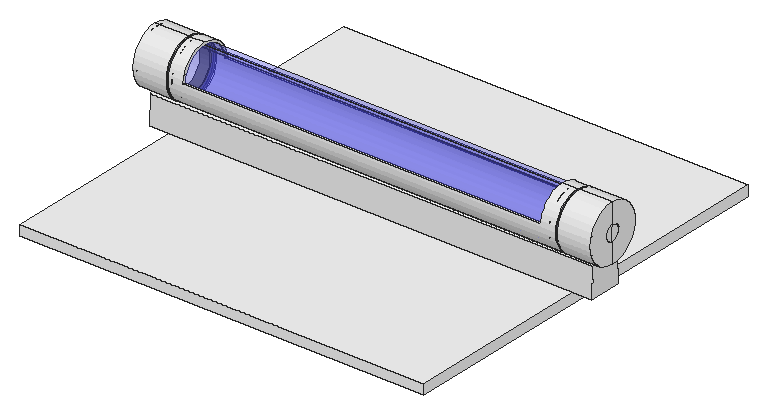
Revit family "BE_23233.1_de_DE", category Leuchten, Revit 2015
Parameters (values of type "BEGA_23233.1_K4")
  built-in parameter 1150104 = 11.065 (stored number, unit not read)
  Wattage = 12.6 W
  Default Elevation = 0 mm
  built-in parameter 1150113 = 1 (stored number, unit not read)
  built-in parameter 1114218 = 1 (stored number, unit not read)
  Umgebungstemperatur = ""
  URL = "http://www.bega.de/produkt/23233.1"
  Typenkommentare = "© 2017 BEGA. Wir behalten uns das Recht vor, technische Änderungen ohne vorherige Ankündigung vorzunehmen."  # constant formula
  built-in parameter 1150134 = 12
  built-in parameter 1150109 = 1 (stored number, unit not read)
  Strom = ""
  built-in parameter 1150110 = 1 (stored number, unit not read)
  Spannung = 239.996 V
  Sonderanfertigung = no
  Seriennummer [instance] = "Hier können Sie die eindeutige Seriennummer für das Facility Management eintragen."
  Schutzklasse = "I"
  Schutzart = "IP 20"
  Scheinlast = 0 VA
  Produktdatenblatt = "http://www.bega.de/download/Xrfa/db/23233.1.db.de.pdf"
  Oberflächentemperatur = ""
  Neigungswinkel = 0.00°
  Modell = "23233.1K4"
  Material_18 = BEGA_Gummi_schwarz
  Material_17 = BEGA_Reflektor
  Material_15 = BEGA_Leuchtmedium_matt
  Material_11 = BEGA_Glas_opal
  Material_09 = BEGA_Glas_klar
  Material_06 = BEGA_Oberfläche_Edelstahl_gebürstet
  Material_05 = BEGA_Oberfläche_Aluminium Guss
  Material_04 = BEGA_Kunststoff_Grafit_matt
  Material_03 = BEGA_Oberfläche_Weiss_matt
  Material_02 = BEGA_Oberfläche_Silber_matt
  Material_01 [instance] = BEGA_Oberfläche_Grafit_matt
  M_W = no
  M_G = no
  M_A = no
  Logo = 0
  built-in parameter 1114217 = 1 (stored number, unit not read)
  built-in parameter 1150139 = (empty or 0)
  built-in parameter 1150105 = 119.42 (stored number, unit not read)
  built-in parameter 1150114 = 1 (stored number, unit not read)
  Lumens = 1500.66 lm
  built-in parameter 1150115 = 1 (stored number, unit not read)
  Leuchtenlichtstrom = "978 lm"
  Leuchtenanzahl = ""
  Lebensdauerkriterien = "L70B50 @ 25 °C = 260000 h"
  Lastklassifizierung = Beleuchtung
  built-in parameter 1150112 = 1 (stored number, unit not read)
  Lampenlichtstrom = "1500 lm"
  Lampe = "LED 12.6 W"
  LED_Modulbezeichnung = "2x LED-0273/940"
  Hersteller = "BEGA"  # constant formula
  Halbstreuwinkel = ""
  Gewicht = "1.1 kg"
  Gebrauchslageneinschränkung [instance] = ""
  Frequenz = "0/50-60 Hz"
  Farbwiedergabeindex = "Ra > 90"
  Farbtemperaturverschiebung bei Dämpfen der Lampe = <Keine Auswahl>
  Farbtemperatur = "4000 K"
  Color Filter = 16777215
  built-in parameter 1150133 = 10 (stored number, unit not read)
  Energieeffizienzklasse = "LED A++ - A"
  built-in parameter 1150137 = (empty or 0)
  built-in parameter 1150132 = (empty or 0)
  ENEC = ""
  Dimmbar [instance] = ""
  Datei für fotometrisches Netz = "BE_23233K4.IES"
  CE_Konformität = "ja"
  Bestellnummer = "23233.1K4"
  Beschreibung_Sonderanfertigung = "Hier können Sie Informationen zur Sonderanfertigung eintragen."
  Beschreibung = "Wandleuchte"
  built-in parameter 1150106 = 1.1942 (stored number, unit not read)
  Befestigungsbohrung = "Ø 6 mm"
  Befestigungsabstand = "360 mm"
  Ballwurfsicher = ""
  BEGA_Intern_aus = yes
  BEGA_Intern_an = yes
  BEGA_Intern_Konstruktion = yes
  BEGA_Intern = yes
  BEGA_IES = yes
  BEGA_Dummy = no
  Anschlussleitung = ""
  Anschlussleistung [instance] = "15.5 W"
  Anschlusskasten = ""
  built-in parameter 1150107 = 4000 (stored number, unit not read)
  built-in parameter 1150102 = (empty or 0)
  built-in parameter 1150138 = (empty or 0)
  Aktualisierung = "2017-06-21T04:08:37"
  Abstand_zur_angestrahlten_Fläche [instance] = ""
  AC/DC = "AC/DC"
Types (2, lengths in mm): name | built-in parameter 1150104 | built-in parameter 1150134 | Modell | built-in parameter 1150105 | Lumens | Leuchtenlichtstrom | Lampenlichtstrom | LED_Modulbezeichnung | Farbtemperatur | Datei für fotometrisches Netz | Bestellnummer | built-in parameter 1150106 | built-in parameter 1150107
  BEGA_23233.1_K3 | 10.247 (stored number, unit not read) | (empty or 0) | "23233.1" | 110.6 (stored number, unit not read) | 1389.78 lm | "913 lm" | "1390 lm" | "2x LED-0273/930" | "3000 K" | "BE_23233.IES" | "23233.1" | 1.106 (stored number, unit not read) | 3000 (stored number, unit not read)
  BEGA_23233.1_K4 | 11.065 (stored number, unit not read) | 12 | "23233.1K4" | 119.42 (stored number, unit not read) | 1500.66 lm | "978 lm" | "1500 lm" | "2x LED-0273/940" | "4000 K" | "BE_23233K4.IES" | "23233.1K4" | 1.1942 (stored number, unit not read) | 4000 (stored number, unit not read)
Reference planes
  plane 1 "Mitte (Vorne/Hinten)": y = 0
  plane 2: z = 0
  plane 3 "Mitte (Links/Rechts)": x = 0
  plane 4 "Links": x = -226
  plane 5 "Rechts": x = 226
  plane 6 "Unten": y = -27.5
  plane 7 "Oben": y = 27.5
  plane 8 "Vorne": z = 81.94
  plane 9 "Hinten": z = 0
Forms (mm)
  Extrusion 1, solid, material "BEGA_Platte_Weiss"
    sketch origin (0, -1119.2, 0) x (1, 0, 0) y (0, 1, 0)
      loop
        line (-200, 1319.2) -> (-200, 919.2) -> (200, 919.2) -> (200, 1319.2) -> (-200, 1319.2)
    from 0 to -10
  Extrusion 2, solid, material "BEGA_Dummy_matt", visible <- "BEGA_Dummy"
    sketch origin (80.095, -76.023, 0) x (1, 0, 0) y (0, 1, 0)
      loop
        line (-306.095, 103.523) -> (-306.095, 48.523) -> (145.905, 48.523) -> (145.905, 103.523) -> (-306.095, 103.523)
    from 0 to 81.94
Dimensions and locks
  plane 1 "Mitte (Vorne/Hinten)" to Extrusion 1 = 200 mm
  aligned and locked: plane 2 to Extrusion 1
  aligned and locked: level to Extrusion 1
Nested families
  nested 1: "BE_23233.1" at (0, 0, 0), type "BE_23233.1"
Connectors
  electrical at (0, 0, 0), driven by "Lastklassifizierung", driven by "Spannung", driven by "Scheinlast"
    settings: index 1, voltage 239.996 V, apparent load 0 VA, apparent load phase1 0 VA, apparent load phase2 0 VA, apparent load phase3 0 VA, power factor 1, load classification "Beleuchtung", number of poles 1, system type 31, power factor state 1, is connector primary yes, connector utility no, sub classification motor no, connector description ""
Definition of nested family "BE_23233.1"
  Parameters (values of type "BE_23233.1")
    Default Elevation = 1 mm
    URL = "http://www.bega.de/de/produkt"
    Type Comments = "© 2015 BEGA. Wir behalten uns das Recht vor, technische Änderungen ohne vorherige Ankündigung vorzunehmen. "  # constant formula
    Type Image = (empty or 0)
    Neigungswinkel_um_Z2 = 0.00°
    Neigungswinkel_um_Z1 = 0.00°
    Neigungswinkel_um_Y2 = 0.00°
    Neigungswinkel_um_Y1 = 0.00°
    Neigungswinkel_um_X2 = 0.00°
    Neigungswinkel_um_X1 = 0.00°
    Material_18 = none
    Material_17 = none
    Material_15 = none
    Material_11 = none
    Material_09 = none
    Material_06 = none
    Material_05 = none
    Material_04 = none
    Material_03 = none
    Material_02 = none
    Material_01 = none
    M_W = yes
    M_G = yes
    M_A = yes
    Länge_Platte = 600 mm  # constant formula
    Höhe_Platte = -10 mm  # constant formula
    Manufacturer = "BEGA"  # constant formula
    Drehwinkel_um_Z2 = 0.00°
    Drehwinkel_um_Z1 = 0.00°
    Breite_Platte = 200 mm  # constant formula
  Reference planes
    plane 1 "Mitte (Oben/Unten)": y = 0
    plane 2: z = 0
    plane 3 "Mitte (Links/Rechts)": x = 0
    plane 4: x = -226
    plane 5: x = 226
    plane 6: z = 81.94
    plane 7: y = 27.5
    plane 8: y = -27.5
  Forms (mm)
    Extrusion 1, solid, detail levels medium
      sketch origin (0, 0, 0) x (1, 0, 0) y (0, 1, 0)
        loop
          line (-300, 100) -> (-300, -100) -> (300, -100) -> (300, 100) -> (-300, 100)
      from 0 to -10 <- "Höhe_Platte"
    Revolve 2, solid, material <- "Material_03", detail levels medium+fine
      sketch origin (-301.397, 0, -424.763) x (1, 0, 0) y (0, 0, 1)
        loop
          line (75.397, 506.703) -> (75.397, 479.203) -> (77.397, 479.203) -> (77.397, 504.403)
          arc (77.397, 504.403) -> (77.565, 504.894) -> (77.999, 505.178) r 0.8
          line (77.999, 505.178) -> (108.397, 505.178) -> (108.397, 506.703) -> (75.397, 506.703)
        axis (75.397, 479.203) -> (108.397, 479.203)
      angle from 0 to 360
    Revolve 3, solid, material <- "Material_03", detail levels medium+fine
      sketch origin (-296.41, 0, -424.763) x (1, 0, 0) y (0, 0, 1)
        loop
          line (488.41, 506.703) -> (104.41, 506.703) -> (104.41, 505.803) -> (111.41, 505.803) -> (111.41, 504.703) -> (481.41, 504.703) -> (481.41, 505.803) -> (488.41, 505.803) -> (488.41, 506.703)
        axis (104.41, 479.294) -> (488.41, 479.294)
      angle from 0 to 360
    Extrusion 4, void
      sketch origin (-296.41, 0, -424.763) x (1, 0, 0) y (0, 0, 1)
        loop
          line (119.407, 481.794) -> (473.41, 481.794) -> (473.41, 508.598) -> (119.407, 508.598) -> (119.407, 481.794)
      from -31.307 to 33.537
    Extrusion 5, solid, material <- "Material_03", detail levels medium+fine
      sketch origin (0, 0, 0) x (0, 1, 0) y (0, 0, 1)
        loop
          line (-13.5, 30) -> (-15.001, 28.499) -> (-15.996, 0) -> (-14.001, 0) -> (-13.04, 27.513)
          arc (-13.04, 27.513) -> (-11.817, 26.956) -> (-10.57, 26.454) r 30
          line (-10.57, 26.454) -> (-10, 21.031) -> (10, 21.031) -> (10.57, 26.454)
          arc (10.57, 26.454) -> (11.817, 26.956) -> (13.04, 27.513) r 30
          line (13.04, 27.513) -> (14.001, 0) -> (15.996, 0) -> (15.001, 28.499) -> (13.5, 30)
          arc (13.5, 30) -> (11.056, 28.806) -> (8.507, 27.854) r 28
          line (8.507, 27.854) -> (8, 23.031) -> (-8, 23.031) -> (-8.507, 27.854)
          arc (-8.507, 27.854) -> (-11.056, 28.806) -> (-13.5, 30) r 28
      from -218.5 to 218.5
    Extrusion 6, solid, material <- "Material_03", detail levels medium+fine
      sketch origin (0, 0, 0) x (0, 1, 0) y (0, 0, 1)
        loop
          line (-15.001, 28.499) -> (-15.996, 0) -> (15.996, 0) -> (15.001, 28.499) -> (13.5, 30)
          arc (13.5, 30) -> (0, 26.531) -> (-13.5, 30) r 28
          line (-13.5, 30) -> (-15.001, 28.499)
      from 216.5 to 218.5
    Extrusion 7, solid, material <- "Material_03", detail levels medium+fine
      sketch origin (9.974, 0, 0) x (0, 1, 0) y (0, 0, -1)
        loop
          line (-15.001, -28.499) -> (-13.5, -30)
          arc (-13.5, -30) -> (0, -26.531) -> (13.5, -30) r 28
          line (13.5, -30) -> (15.001, -28.499) -> (15.996, 0) -> (-15.996, 0) -> (-15.001, -28.499)
      from 226.474 to 228.474
    Revolve 8, solid, material <- "Material_18", detail levels medium+fine
      sketch origin (0, 0, 0) x (1, 0, 0) y (0, 0, 1)
        loop
          line (-192, 81.94) -> (-193, 81.94) -> (-193, 80.415) -> (-198, 80.415) -> (-198, 74.94) -> (-188, 74.94) -> (-188, 81.04) -> (-192, 81.04) -> (-192, 81.94)
        axis (-198, 54.44) -> (-188, 54.44)
      angle from 0 to 360
    Revolve 9, solid, material <- "Material_03", detail levels medium+fine
      sketch origin (301.397, 0, -424.763) x (-1, 0, 0) y (0, 0, 1)
        loop
          line (75.397, 506.703) -> (75.397, 479.203) -> (77.397, 479.203) -> (77.397, 504.403)
          arc (77.397, 504.403) -> (77.565, 504.894) -> (77.999, 505.178) r 0.8
          line (77.999, 505.178) -> (108.397, 505.178) -> (108.397, 506.703) -> (75.397, 506.703)
        axis (75.397, 479.203) -> (108.397, 479.203)
      angle from 0 to 360
    Revolve 10, solid, material <- "Material_18", detail levels medium+fine
      sketch origin (0, 0, 0) x (-1, 0, 0) y (0, 0, 1)
        loop
          line (-192, 81.94) -> (-193, 81.94) -> (-193, 80.415) -> (-198, 80.415) -> (-198, 74.94) -> (-188, 74.94) -> (-188, 81.04) -> (-192, 81.04) -> (-192, 81.94)
        axis (-198, 54.531) -> (-188, 54.531)
      angle from 0 to 360
    Revolve 11, solid, material <- "Material_11", detail levels medium+fine
      sketch origin (0, 0, 0) x (1, 0, 0) y (0, 0, 1)
        loop
          line (-187.847, 79.44) -> (-187.847, 76.467) -> (186.734, 76.467) -> (186.734, 79.44) -> (-187.847, 79.44)
        axis (-187.847, 54.531) -> (186.734, 54.531)
      angle from 0 to 360
    Revolve 12, solid, material <- "Material_04", detail levels medium+fine
      sketch origin (0, 0, 0) x (1, 0, 0) y (0, 0, 1)
        loop
          spline (-228.639, 61.616) -> (-228.74, 61.415) -> (-228.837, 61.12) -> (-228.929, 60.736) -> (-229.015, 60.269) -> (-229.094, 59.723) -> (-229.165, 59.107) -> (-229.226, 58.428) -> (-229.278, 57.697) -> (-229.319, 56.921) -> (-229.348, 56.113) -> (-229.366, 55.282) -> (-229.372, 54.44)
          line (-229.372, 54.44) -> (-225.632, 54.44) -> (-225.632, 64.39) -> (-226.8, 64.39)
          arc (-226.8, 64.39) -> (-227.507, 64.097) -> (-227.8, 63.39) r 1
          line (-227.8, 63.39) -> (-227.8, 61.771) -> (-228.639, 61.616)
        axis (-229.372, 54.44) -> (-225.632, 54.44)
      angle from 0 to 360
    Extrusion 13, void
      sketch origin (0, 0, 0) x (1, 0, 0) y (0, 1, 0)
        loop
          arc (-183, 2.75) -> (-185.75, 0) -> (-183, -2.75) r 2.75
          line (-183, -2.75) -> (-177, -2.75)
          arc (-177, -2.75) -> (-174.25, 0) -> (-177, 2.75) r 2.75
          line (-177, 2.75) -> (-183, 2.75)
        loop
          line (177.25, 3) -> (177.25, -3)
          arc (177.25, -3) -> (180, -5.75) -> (182.75, -3) r 2.75
          line (182.75, -3) -> (182.75, 3)
          arc (182.75, 3) -> (180, 5.75) -> (177.25, 3) r 2.75
      from 0 to 6.521
    Revolve 14, void
      sketch origin (0, 0, 0) x (1, 0, 0) y (0, 0, 1)
        loop
          line (224.801, 62.29) -> (224.801, 54.44) -> (226.465, 54.44) -> (226.465, 62.29) -> (224.801, 62.29)
        axis (226.465, 54.44) -> (224.801, 54.44)
      angle from 0 to 360
    Revolve 15, solid, material <- "Material_03", detail levels medium+fine
      sketch origin (0, 0, 0) x (1, 0, 0) y (0, 0, 1)
        loop
          line (224.801, 61.84) -> (224.801, 54.44) -> (225.804, 54.44) -> (225.804, 61.84) -> (224.801, 61.84)
        axis (224.801, 54.44) -> (225.804, 54.44)
      angle from 0 to 360
    Extrusion 16, solid, material <- "Material_03", detail levels medium+fine
      sketch origin (0, 0, 0) x (1, 0, 0) y (0, 0, 1)
        loop
          line (-190, 4.5) -> (-190, 2) -> (-170, 2) -> (-170, 4.5) -> (-190, 4.5)
        loop
          line (170, 4.5) -> (170, 2) -> (190, 2) -> (190, 4.5) -> (170, 4.5)
      from -14.966 to 14.737
  Cuts and joins
    Extrusion 4 cuts Revolve 3
    Extrusion 13 cuts Extrusion 5
    Extrusion 13 cuts Extrusion 6
    Extrusion 13 cuts Extrusion 7
    Extrusion 13 cuts Extrusion 16
    joined: Extrusion 5, Extrusion 6, Extrusion 7, Extrusion 16
    Extrusion 13, Revolve 14 cuts Revolve 9
    Extrusion 13 cuts Revolve 10
  Dimensions and locks
    equal spacing: Extrusion 1 sketch curve, plane 3 "Mitte (Links/Rechts)", Extrusion 1 sketch curve
    equal spacing: Extrusion 1 sketch curve, plane 1 "Mitte (Oben/Unten)", Extrusion 1 sketch curve
    "Länge_Platte": Extrusion 1 sketch curve to Extrusion 1 sketch curve
    "Breite_Platte": Extrusion 1 sketch curve to Extrusion 1 sketch curve
    aligned and locked: Extrusion 1 to plane 2
    aligned and locked: level to Extrusion 1
  Automatic sketch dimensions
    Revolve 2 sketch curve to Revolve 2 sketch curve = 2 mm
    Revolve 2 sketch curve to Revolve 2 sketch curve = 0.602 mm
    Revolve 2 sketch curve to Revolve 2 sketch curve = 0.8 mm
    Revolve 2 sketch curve to Revolve 2 sketch curve = 30.2 mm
    level to Revolve 2 sketch curve = 54.44 mm
    Revolve 2 sketch curve to Revolve 2 sketch curve = 25.2 mm
    Revolve 2 sketch curve to Revolve 2 sketch curve = 1.525 mm
    Revolve 2 sketch curve to Revolve 2 sketch curve = 0 mm  (x2)
    Revolve 2 sketch curve to Revolve 2 sketch curve = 8 mm
    Revolve 3 sketch curve to Revolve 3 sketch curve = 7 mm  (x2)
    level to Revolve 3 sketch curve = 79.94 mm
    Revolve 3 sketch curve to Revolve 3 sketch curve = 1.1 mm  (x2)
    Revolve 3 sketch curve to Revolve 3 sketch curve = 0.9 mm
    Revolve 3 sketch curve to Revolve 3 sketch curve = 42.915 mm
    Revolve 3 sketch curve to Revolve 3 sketch curve = 75.487 mm
    Revolve 3 sketch curve to Revolve 3 sketch curve = 25.409 mm
    Extrusion 5 sketch curve to Extrusion 5 sketch curve = 0 mm  (x12)
    Extrusion 5 sketch curve to level = 0 mm  (x2)
    Extrusion 5 sketch curve to plane 1 "Mitte (Oben/Unten)" = 0 mm
    plane 1 "Mitte (Oben/Unten)" to Extrusion 5 sketch curve = 8 mm
    Extrusion 5 sketch curve to Extrusion 5 sketch curve = 0.507 mm  (x2)
    Extrusion 5 sketch curve to Extrusion 5 sketch curve = 2 mm  (x3)
    Extrusion 5 sketch curve to Extrusion 5 sketch curve = 2.063 mm  (x2)
    Extrusion 5 sketch curve to Extrusion 5 sketch curve = 2.47 mm  (x2)
    Extrusion 5 sketch curve to Extrusion 5 sketch curve = 0.46 mm  (x2)
    plane 1 "Mitte (Oben/Unten)" to Extrusion 5 sketch curve = 14.001 mm
    Extrusion 5 sketch curve to Extrusion 5 sketch curve = 1.501 mm  (x4)
    Extrusion 5 sketch curve to Extrusion 5 sketch curve = 1.995 mm  (x2)
    Extrusion 5 sketch curve to plane 1 "Mitte (Oben/Unten)" = 8 mm
    Extrusion 5 sketch curve to plane 1 "Mitte (Oben/Unten)" = 14.001 mm
    level to Extrusion 5 sketch curve = 21.031 mm
    Extrusion 5 sketch curve to Extrusion 5 sketch curve = 3.423 mm  (x2)
    Extrusion 5 sketch curve to Extrusion 5 sketch curve = 1.058 mm
    Extrusion 5 sketch curve to Extrusion 5 sketch curve = 1.4 mm  (x2)
    Extrusion 6 sketch curve to level = 0 mm
    Extrusion 6 sketch curve to plane 1 "Mitte (Oben/Unten)" = 0 mm
    plane 1 "Mitte (Oben/Unten)" to Extrusion 6 sketch curve = 13.5 mm
    Extrusion 6 sketch curve to Extrusion 6 sketch curve = 1.501 mm  (x3)
    plane 1 "Mitte (Oben/Unten)" to Extrusion 6 sketch curve = 15.996 mm
    Extrusion 6 sketch curve to plane 1 "Mitte (Oben/Unten)" = 13.5 mm
    Extrusion 6 sketch curve to plane 1 "Mitte (Oben/Unten)" = 15.996 mm
    level to Extrusion 6 sketch curve = 28.499 mm  (x2)
    Extrusion 6 sketch curve to Extrusion 6 sketch curve = 24.531 mm
    Extrusion 7 sketch curve to level = 0 mm
    Extrusion 7 sketch curve to plane 1 "Mitte (Oben/Unten)" = 0 mm
    plane 1 "Mitte (Oben/Unten)" to Extrusion 7 sketch curve = 13.5 mm
    Extrusion 7 sketch curve to Extrusion 7 sketch curve = 1.501 mm  (x3)
    plane 1 "Mitte (Oben/Unten)" to Extrusion 7 sketch curve = 15.996 mm
    Extrusion 7 sketch curve to plane 1 "Mitte (Oben/Unten)" = 13.5 mm
    Extrusion 7 sketch curve to plane 1 "Mitte (Oben/Unten)" = 15.996 mm
    level to Extrusion 7 sketch curve = 28.499 mm  (x2)
    Extrusion 7 sketch curve to Extrusion 7 sketch curve = 24.531 mm
    Revolve 9 sketch curve to Revolve 9 sketch curve = 2 mm
    Revolve 9 sketch curve to Revolve 9 sketch curve = 0.602 mm
    Revolve 9 sketch curve to Revolve 9 sketch curve = 0.8 mm
    Revolve 9 sketch curve to Revolve 9 sketch curve = 30.2 mm
    Revolve 9 sketch curve to level = 54.44 mm
    Revolve 9 sketch curve to Revolve 9 sketch curve = 25.2 mm
    Revolve 9 sketch curve to Revolve 9 sketch curve = 1.525 mm
    Revolve 9 sketch curve to Revolve 9 sketch curve = 0 mm  (x2)
    Revolve 9 sketch curve to Revolve 9 sketch curve = 8 mm
    level to Revolve 11 sketch curve = 76.467 mm
    Revolve 11 sketch curve to Revolve 11 sketch curve = 2.972 mm
    Revolve 11 sketch curve to Revolve 11 sketch curve = 49.347 mm
    Revolve 11 sketch curve to Revolve 11 sketch curve = 121.913 mm
    Revolve 11 sketch curve to Revolve 11 sketch curve = 21.937 mm
    Revolve 12 sketch curve to Revolve 12 sketch curve = 0.733 mm
    Revolve 12 sketch curve to Revolve 12 sketch curve = 7.176 mm
    Revolve 12 sketch curve to Revolve 12 sketch curve = 2.774 mm
    Revolve 12 sketch curve to Revolve 12 sketch curve = 0.896 mm
    Revolve 12 sketch curve to Revolve 12 sketch curve = 0.525 mm
    Revolve 12 sketch curve to Revolve 12 sketch curve = 0.368 mm
    Revolve 12 sketch curve to Revolve 12 sketch curve = 0 mm  (x2)
    Revolve 12 sketch curve to Revolve 12 sketch curve = 1.168 mm
    Revolve 12 sketch curve to Revolve 12 sketch curve = 0.034 mm
    Revolve 12 sketch curve to Revolve 12 sketch curve = 0.676 mm
    Revolve 12 sketch curve to Revolve 12 sketch curve = 1 mm
    level to Revolve 12 sketch curve = 54.44 mm
    Extrusion 13 sketch curve to Extrusion 13 sketch curve = 2.75 mm  (x2)
    Extrusion 13 sketch curve to Extrusion 13 sketch curve = 6 mm  (x2)
    Revolve 10 sketch curve to Revolve 10 sketch curve = 5 mm
    Revolve 10 sketch curve to Revolve 10 sketch curve = 1 mm
    Revolve 10 sketch curve to Revolve 10 sketch curve = 4 mm
    Revolve 10 sketch curve to Revolve 10 sketch curve = 39.572 mm
    Revolve 8 sketch curve to Revolve 8 sketch curve = 5 mm
    Revolve 8 sketch curve to Revolve 8 sketch curve = 1 mm
    Revolve 8 sketch curve to Revolve 8 sketch curve = 4 mm
    Revolve 8 sketch curve to Revolve 8 sketch curve = 27.585 mm
    Revolve 8 sketch curve to Revolve 8 sketch curve = 1.987 mm
    Revolve 8 sketch curve to Revolve 8 sketch curve = 20.5 mm
    plane 3 "Mitte (Links/Rechts)" to Revolve 3 sketch curve = 185 mm
    Revolve 9 sketch curve to plane 3 "Mitte (Links/Rechts)" = 226 mm
    Revolve 10 sketch curve to plane 3 "Mitte (Links/Rechts)" = 198 mm
    Revolve 10 sketch curve to Revolve 10 sketch curve = 38.915 mm
    plane 3 "Mitte (Links/Rechts)" to Revolve 11 sketch curve = 186.734 mm
    plane 3 "Mitte (Links/Rechts)" to Extrusion 13 sketch curve = 177.25 mm
    Revolve 2 sketch curve to plane 3 "Mitte (Links/Rechts)" = 226 mm
    Revolve 3 sketch curve to plane 3 "Mitte (Links/Rechts)" = 185 mm
    Revolve 8 sketch curve to plane 3 "Mitte (Links/Rechts)" = 198 mm
    Revolve 11 sketch curve to plane 3 "Mitte (Links/Rechts)" = 187.847 mm
    Revolve 12 sketch curve to plane 3 "Mitte (Links/Rechts)" = 229.372 mm
    Extrusion 13 sketch curve to plane 3 "Mitte (Links/Rechts)" = 177 mm
    plane 3 "Mitte (Links/Rechts)" to Revolve 14 sketch curve = 224.801 mm
    Revolve 14 sketch curve to Revolve 14 sketch curve = 1.665 mm
    Revolve 14 sketch curve to Revolve 14 sketch curve = 7.85 mm
    Revolve 14 sketch curve to Revolve 14 sketch curve = 2.977 mm
    Revolve 14 sketch curve to Revolve 14 sketch curve = 2.859 mm
    Revolve 14 sketch curve to Revolve 14 sketch curve = 0 mm
    plane 3 "Mitte (Links/Rechts)" to Revolve 15 sketch curve = 224.801 mm
    Revolve 15 sketch curve to Revolve 15 sketch curve = 1.002 mm
    Revolve 15 sketch curve to Revolve 15 sketch curve = 7.4 mm
    Revolve 15 sketch curve to Revolve 15 sketch curve = 2.075 mm
    Revolve 15 sketch curve to Revolve 15 sketch curve = 1.434 mm
    Revolve 15 sketch curve to Revolve 15 sketch curve = 0 mm
    Extrusion 4 sketch curve to plane 3 "Mitte (Links/Rechts)" = 177.003 mm
    plane 3 "Mitte (Links/Rechts)" to Extrusion 4 sketch curve = 177 mm
    level to Extrusion 16 sketch curve = 2 mm  (x2)
    Extrusion 16 sketch curve to plane 3 "Mitte (Links/Rechts)" = 190 mm
    Extrusion 16 sketch curve to Extrusion 16 sketch curve = 20 mm  (x2)
    level to Extrusion 16 sketch curve = 4.5 mm
    plane 3 "Mitte (Links/Rechts)" to Extrusion 16 sketch curve = 170 mm
    Extrusion 16 sketch curve to Extrusion 16 sketch curve = 2.5 mm
    level to Extrusion 4 sketch curve = 57.031 mm
    Extrusion 4 sketch curve to Extrusion 4 sketch curve = 26.804 mm
    level to Revolve 8 sketch curve = 74.94 mm
    Revolve 8 sketch curve to Revolve 8 sketch curve = 5.475 mm
    Revolve 8 sketch curve to Revolve 8 sketch curve = 0.625 mm
    Revolve 8 sketch curve to Revolve 8 sketch curve = 0.9 mm
    Revolve 10 sketch curve to level = 74.94 mm
    Revolve 10 sketch curve to Revolve 10 sketch curve = 5.475 mm
    Revolve 10 sketch curve to Revolve 10 sketch curve = 0.625 mm
    Revolve 10 sketch curve to Revolve 10 sketch curve = 0.9 mm
    Revolve 10 sketch curve to level = 54.531 mm
    level to Revolve 14 sketch curve = 54.44 mm
    level to Revolve 15 sketch curve = 54.44 mm
    plane 1 "Mitte (Oben/Unten)" to Extrusion 13 sketch curve = 0 mm
    plane 1 "Mitte (Oben/Unten)" to Extrusion 13 sketch curve = 3 mm
